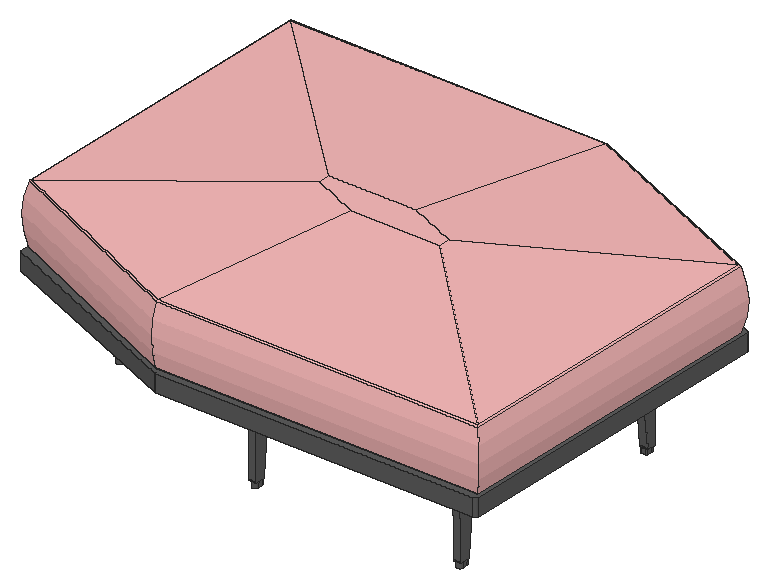
Revit family "Haworth_Lyda_Bench_Hexagon", category Furniture, Revit 2018
Family settings
  OmniClass Number = 23.40.70.14.64.21
  OmniClass Title = Systems Furniture
  Work Plane-Based = No
  Always vertical = Yes
  Cut with Voids When Loaded = No
  Shared = No
  Room Calculation Point = No
Parameters (values of type "Hexagon Bench")
  Warranty = "http://www.haworth.com/resources/product-info/warranties"
  Upholstery Finish [instance] = Haworth _ Fabric _ Atlas _ 501 LW-G
  URL - Product = "https://www.haworth.com/na/en/products/lounge-sofas/ottomans/lydalounge.html"
  URL = "www.haworth.com"
  Sustainability Info = "https://www.haworth.com/company-info/sustainability"
  Standard Width = "50.5 in"  # constant formula
  Standard Depth = "41 in"  # constant formula
  Size = "Verify Final Dim. w/ Haworth"  # constant formula
  Revision Number = "1"  # constant formula
  Model = "HCCL-LYBH-L11X"  # constant formula
  Manufacturer = "Haworth"  # constant formula
  Leg Finish = Haworth _ Paint _ Black
  Description = "Haworth - Lyda - Bench - Hexagon"  # constant formula
  Base Finish [instance] = Haworth _ Paint _ Black
  Author = "Haworth (Abd Rahman)"  # constant formula
  Assembly Code = "E2020200"
  Actual Width = 50 1/2"  # constant formula
  Actual Height = 17"  # constant formula
  Actual Depth = 41"  # constant formula
Reference planes (in)
  plane 1: z = 0
  plane 2 "Center L/R": x = -6.17629
  plane 3 "Center F/B": y = -11.5
  plane 4 "Back": y = 9
  plane 5 "Front": y = -32
  plane 6: z = 17
  plane 7: z = 8.24731
  plane 8: z = 9.90088
  plane 9: z = 7.9995
  plane 10 "Left": x = -31.42629
  plane 11 "Right": x = 19.07371
  plane 12: y = 0.75
  plane 13: y = -23.75
Forms (in)
  Extrusion 1, solid, material "Haworth _ Paint _ Black" <- "Base Finish"
    sketch origin (0, 0, 0) x (1, 0, 0) y (0, 1, 0)
      loop
        line (-31.42629, 8.70779) -> (-31.42629, -23.66692)
        arc (-31.42629, -23.66692) -> (-31.40539, -23.73611) -> (-31.34969, -23.78217) r 0.125
        line (-31.34969, -23.78217) -> (-11.83314, -31.97916)
        arc (-11.83314, -31.97916) -> (-11.78424, -31.99473) -> (-11.73319, -32) r 0.25013
        line (-11.73319, -32) -> (18.78476, -32)
        arc (18.78476, -32) -> (18.98908, -31.91537) -> (19.07371, -31.71104) r 0.28896
        line (19.07371, -31.71104) -> (19.07371, 0.6662)
        arc (19.07371, 0.6662) -> (19.05263, 0.73599) -> (18.99644, 0.78244) r 0.12608
        line (18.99644, 0.78244) -> (-0.51555, 8.97429)
        arc (-0.51555, 8.97429) -> (-0.57587, 8.99351) -> (-0.63885, 9) r 0.30858
        line (-0.63885, 9) -> (-31.13408, 9)
        arc (-31.13408, 9) -> (-31.3407, 8.91441) -> (-31.42629, 8.70779) r 0.29221
    from 8.24731 to 9.90088
Lines and regions (in)
  Masking region 1
    outline origin (0, 0, 0) x (1, 0, 0) y (0, 1, 0)
      loop
        line (-0.63885, 9) -> (-31.13408, 9)
        arc (-31.13408, 9) -> (-31.3407, 8.91441) -> (-31.42629, 8.70779) r 0.29221
        line (-31.42629, 8.70779) -> (-31.42629, -23.66692)
        arc (-31.42629, -23.66692) -> (-31.40539, -23.73611) -> (-31.34969, -23.78217) r 0.125
        line (-31.34969, -23.78217) -> (-11.83314, -31.97916)
        arc (-11.83314, -31.97916) -> (-11.78424, -31.99473) -> (-11.73319, -32) r 0.25013
        line (-11.73319, -32) -> (18.78476, -32)
        arc (18.78476, -32) -> (18.98908, -31.91537) -> (19.07371, -31.71104) r 0.28896
        line (19.07371, -31.71104) -> (19.07371, 0.6662)
        arc (19.07371, 0.6662) -> (19.05263, 0.73599) -> (18.99644, 0.78244) r 0.12608
        line (18.99644, 0.78244) -> (-0.51555, 8.97429)
        arc (-0.51555, 8.97429) -> (-0.57587, 8.99351) -> (-0.63885, 9) r 0.30858
  reference lines
    curve 1: line (-31.6357, -23.21854, 0) -> (-31.6357, -23.44763, 0)
Dimensions and locks (in)
  equal spacing: plane 4 "Back", plane 3 "Center F/B", plane 5 "Front"
  "Actual Depth": plane 4 "Back" to plane 5 "Front"
  "Actual Height": plane 6 to level
  equal spacing: plane 10 "Left", plane 2 "Center L/R", plane 11 "Right"
  "Actual Width": plane 10 "Left" to plane 11 "Right"
  plane 12 to plane 5 "Front" = 32 3/4"
  plane 4 "Back" to plane 13 = 32 3/4"
  aligned and locked: Extrusion 1 to plane 8
  aligned and locked: plane 7 to Extrusion 1
  aligned and locked: Extrusion 1 sketch curve to plane 4 "Back"
  aligned and locked: plane 11 "Right" to Extrusion 1 sketch curve
  aligned and locked: Extrusion 1 sketch curve to plane 5 "Front"
  aligned and locked: plane 2 "Center L/R" to nested 7
  aligned and locked: plane 3 "Center F/B" to nested 7
  aligned and locked: plane 4 "Back" to Masking region 1
  aligned and locked: Masking region 1 to plane 11 "Right"
  aligned and locked: Masking region 1 to plane 5 "Front"
Automatic sketch dimensions
  Extrusion 1 sketch curve to plane 10 "Left" = 0"
  Extrusion 1 sketch curve to plane 13 = 0.03217"
  Extrusion 1 sketch curve to plane 10 "Left" = 0.0766"
  plane 13 to Extrusion 1 sketch curve = 0.08308"
  Extrusion 1 sketch curve to plane 4 "Back" = 0.29221"
  plane 5 "Front" to Extrusion 1 sketch curve = 0.02084"
  Extrusion 1 sketch curve to plane 2 "Center L/R" = 5.65686"
  Extrusion 1 sketch curve to Extrusion 1 sketch curve = 0.09995"
  plane 2 "Center L/R" to Extrusion 1 sketch curve = 5.53744"
  Extrusion 1 sketch curve to plane 4 "Back" = 0.02571"
  Extrusion 1 sketch curve to Extrusion 1 sketch curve = 0.1233"
  Extrusion 1 sketch curve to Extrusion 1 sketch curve = 0.28896"
  Extrusion 1 sketch curve to Extrusion 1 sketch curve = 0.12608"
  plane 12 to Extrusion 1 sketch curve = 0.03244"
  plane 11 "Right" to Extrusion 1 sketch curve = 0.07727"
  plane 10 "Left" to curve 1 = 0.20941"
  plane 5 "Front" to curve 1 = 8.55237"
  curve 1 to curve 1 = 0.2291"
  Masking region 1 sketch curve to plane 10 "Left" = 0"
  plane 4 "Back" to Masking region 1 sketch curve = 0"
  Masking region 1 sketch curve to plane 4 "Back" = 0.29221"
  plane 2 "Center L/R" to Masking region 1 sketch curve = 5.53744"
  plane 5 "Front" to Masking region 1 sketch curve = 8.33308"
  Masking region 1 sketch curve to plane 4 "Back" = 79/256"
  Masking region 1 sketch curve to plane 4 "Back" = 0.02571"
  plane 12 to Masking region 1 sketch curve = 0.03244"
  plane 11 "Right" to Masking region 1 sketch curve = 0.07727"
  Masking region 1 sketch curve to plane 11 "Right" = 0"
  Masking region 1 sketch curve to plane 12 = 0.0838"
  plane 5 "Front" to Masking region 1 sketch curve = 0.28896"
  Masking region 1 sketch curve to plane 5 "Front" = 0"
  Masking region 1 sketch curve to plane 2 "Center L/R" = 5.55691"
  plane 5 "Front" to Masking region 1 sketch curve = 0.02084"
  Masking region 1 sketch curve to Masking region 1 sketch curve = 0.09995"
  Masking region 1 sketch curve to plane 10 "Left" = 0.0766"
  Masking region 1 sketch curve to Masking region 1 sketch curve = 0.11525"
Nested families (in)
  nested 1: "Haworth_Lyda_Leg_PART" at (-19.79101, -3.09057, 0), Support Finish <- "Leg Finish", type "Leg - PART"
    with Support Finish Haworth _ Paint _ Black
  nested 2: "Haworth_Lyda_Leg_PART" at (0.02414, -11.59078, 0), Support Finish <- "Leg Finish", type "Leg - PART"
    with Support Finish Haworth _ Paint _ Black
  nested 3: "Haworth_Lyda_Leg_PART" at (19.70899, -11.59078, 0), Support Finish <- "Leg Finish", type "Leg - PART"
    with Support Finish Haworth _ Paint _ Black
  nested 4: "Haworth_Lyda_Leg_PART" at (7.44869, -19.90112, 0) x (-1, 0, 0) z (0, 0, 1), Support Finish <- "Leg Finish", type "Leg - PART"
    with Support Finish Haworth _ Paint _ Black
  nested 5: "Haworth_Lyda_Leg_PART" at (-12.30131, -11.40073, 0) x (-1, 0, 0) z (0, 0, 1), Support Finish <- "Leg Finish", type "Leg - PART"
    with Support Finish Haworth _ Paint _ Black
  nested 6: "Haworth_Lyda_Leg_PART" at (-32.05131, -11.40091, 0) x (-1, 0, 0) z (0, 0, 1), Support Finish <- "Leg Finish", type "Leg - PART"
    with Support Finish Haworth _ Paint _ Black
  nested 7: "Haworth_Lyda_Cushion_Hexagon_PART" at (0, 0, 0), Cushion Finish <- "Upholstery Finish", type "Cushion - Hexagon - PART"
    with Cushion Finish Haworth _ Fabric _ Atlas _ 501 LW-G
Definition of nested family "Haworth_Lyda_Leg_PART"
  Parameters (values of type "Leg - PART")
    Warranty = "http://www.haworth.com/resources/product-info/warranties"
    URL - Product = "https://www.haworth.com/na/en/products/lounge-sofas/ottomans/lydalounge.html"
    URL = "www.haworth.com"
    Sustainability Info = "https://www.haworth.com/company-info/sustainability"
    Support Finish [instance] = none
    Size = "Verify Final Dim. w/ Haworth"  # constant formula
    Revision Number = "1"  # constant formula
    Model = "Haworth Lyda"  # constant formula
    Manufacturer = "Haworth"  # constant formula
    Description = "Haworth - Lyda - Leg PART"  # constant formula
    Author = "Haworth (Abd Rahman)"  # constant formula
    Assembly Code = "E2020200"
    Actual Width = 3 1/4"  # constant formula
    Actual Height = 8 63/256"  # constant formula
    Actual Depth = 7 241/256"  # constant formula
  Reference planes (in)
    plane 1: z = 0
    plane 2: z = 8.24609
    plane 3: z = 7.9995
    plane 4 "Center (Front/Back)": y = -11.89763
    plane 5 "Right": x = -4.50514
    plane 6 "Left": x = -7.75514
    plane 7 "Center (Left/Right)": x = -6.13014
    plane 8 "Front": y = -15.86833
    plane 9 "Back": y = -7.92693
  Forms (in)
    Blend 1, solid, material <- "Support Finish"
      base sketch origin (-15.7151, 7.34424, 0) x (1, 0, 0) y (0, 1, 0)
        loop
          arc (10.9737, -15.75611) -> (10.90047, -15.57933) -> (10.7237, -15.50611) r 0.25
          line (10.7237, -15.50611) -> (8.44615, -15.50611)
          arc (8.44615, -15.50611) -> (8.26938, -15.57933) -> (8.19615, -15.75611) r 0.25
          line (8.19615, -15.75611) -> (8.19615, -22.72652)
          arc (8.19615, -22.72652) -> (8.28096, -22.91416) -> (8.47783, -22.97451) r 0.25
          line (8.47783, -22.97451) -> (9.08232, -22.89729)
          arc (9.08232, -22.89729) -> (9.58492, -23.2126) -> (10.08752, -22.89729) r 0.55823
          line (10.08752, -22.89729) -> (10.69202, -22.97451)
          arc (10.69202, -22.97451) -> (10.88889, -22.91416) -> (10.9737, -22.72652) r 0.25
          line (10.9737, -22.72652) -> (10.9737, -15.75611)
      top sketch origin (-15.7151, 7.34424, 0) x (1, 0, 0) y (0, 1, 0)
        loop
          arc (7.95996, -22.71316) -> (8.10642, -23.06673) -> (8.45999, -23.21316) r 0.5
          line (8.45999, -23.21316) -> (10.70997, -23.21304)
          arc (10.70997, -23.21304) -> (11.06351, -23.06658) -> (11.20994, -22.71304) r 0.5
          line (11.20994, -22.71304) -> (11.20994, -15.76992)
          arc (11.20994, -15.76992) -> (11.0635, -15.41636) -> (10.70994, -15.26992) r 0.5
          line (10.70994, -15.26992) -> (8.45996, -15.26992)
          arc (8.45996, -15.26992) -> (8.10641, -15.41636) -> (7.95996, -15.76992) r 0.5
          line (7.95996, -15.76992) -> (7.95996, -22.71316)
      from 7.9995 to 8.24731
    Extrusion 2, solid, material <- "Support Finish"
      sketch origin (-0.64065, 7.34424, 0) x (0, 1, 0) y (0, 0, 1)
        loop
          arc (-22.89729, 7.9995) -> (-23.09889, 8.06946) -> (-23.21382, 8.24927) r 0.32546
          line (-23.21382, 8.24927) -> (-23.14652, 0.56683)
          arc (-23.14652, 0.56683) -> (-23.12554, 0.5171) -> (-23.07562, 0.49656) r 0.0709
          line (-23.07562, 0.49656) -> (-22.29789, 0.49656)
          arc (-22.29789, 0.49656) -> (-22.25795, 0.51209) -> (-22.23899, 0.55052) r 0.05913
          arc (-22.23899, 0.55052) -> (-22.04885, 2.57156) -> (-21.83293, 4.59) r 159.07204
          arc (-21.83293, 4.59) -> (-21.73327, 5.12242) -> (-21.55814, 5.63499) r 3.75965
          arc (-21.55814, 5.63499) -> (-21.10365, 6.18486) -> (-20.4224, 6.39658) r 1.25
          line (-20.4224, 6.39658) -> (-17.30777, 6.4338)
          arc (-17.30777, 6.4338) -> (-16.18821, 6.89165) -> (-15.70269, 7.9995) r 1.61124
          line (-15.70269, 7.9995) -> (-22.89729, 7.9995)
      from -5.85929 to -5.16531
    Extrusion 3, solid, material <- "Support Finish"
      sketch origin (-15.7151, 7.34424, 0) x (1, 0, 0) y (0, 1, 0)
        loop
          arc (9.27139, -22.83335) -> (9.58492, -23.14688) -> (9.89846, -22.83335) r 0.31353
          line (9.89846, -22.83335) -> (9.89846, -22.36609)
          arc (9.89846, -22.36609) -> (9.86123, -22.27621) -> (9.77135, -22.23898) r 0.12711
          line (9.77135, -22.23898) -> (9.39989, -22.23898)
          arc (9.39989, -22.23898) -> (9.30903, -22.27662) -> (9.27139, -22.36748) r 0.1285
          line (9.27139, -22.36748) -> (9.27139, -22.83335)
      from 0 to 0.49656
  Cuts and joins
    joined: Blend 1, Extrusion 2, Extrusion 3
  Lines and regions (in)
    symbolic lines
      curve 1: line (-4.50515, -15.3688, 0) -> (-4.50515, -8.42567, 0)
      curve 2: arc (-4.50515, -8.42567, 0) -> (-4.6516, -8.07212, 0) -> (-5.00515, -7.92567, 0) r 0.5
      curve 3: line (-5.00515, -7.92567, 0) -> (-7.25514, -7.92567, 0)
      curve 4: arc (-7.25514, -7.92567, 0) -> (-7.60869, -8.07212, 0) -> (-7.75514, -8.42567, 0) r 0.5
      curve 5: line (-7.75514, -8.42567, 0) -> (-7.75514, -15.36892, 0)
      curve 6: arc (-7.75514, -15.36892, 0) -> (-7.60869, -15.72248, 0) -> (-7.25514, -15.86892, 0) r 0.5
      curve 7: arc (-5.00513, -15.8688, 0) -> (-4.65159, -15.72234, 0) -> (-4.50515, -15.3688, 0) r 0.5
      curve 8: line (-7.25514, -15.86892, 0) -> (-5.00511, -15.86892, 0)
  Dimensions and locks (in)
    equal spacing: plane 6 "Left", plane 7 "Center (Left/Right)", plane 5 "Right"
    "Actual Width": plane 6 "Left" to plane 5 "Right"
    equal spacing: plane 8 "Front", plane 4 "Center (Front/Back)", plane 9 "Back"
    "Actual Depth": plane 8 "Front" to plane 9 "Back"
    "Actual Height": plane 2 to level
  Automatic sketch dimensions
    Blend 1 sketch curve to Blend 1 sketch curve = 1/4"  (x3)
    Blend 1 sketch curve to Blend 1 sketch curve = 0.03168"  (x2)
    Blend 1 sketch curve to Blend 1 sketch curve = 0.60449"  (x2)
    Blend 1 sketch curve to Blend 1 sketch curve = 0.5026"  (x2)
    Blend 1 sketch curve to Blend 1 sketch curve = 2.27754"
    Blend 1 sketch curve to Blend 1 sketch curve = 0"
    Blend 1 sketch curve to Blend 1 sketch curve = 0.07722"
    Blend 1 sketch curve to Blend 1 sketch curve = 0.24292"
    Blend 1 sketch curve to Blend 1 sketch curve = 1/2"  (x3)
    Blend 1 sketch curve to Blend 1 sketch curve = 0.00003"  (x2)
    Blend 1 sketch curve to Blend 1 sketch curve = 2 1/4"  (x2)
    Blend 1 sketch curve to Blend 1 sketch curve = 0.00012"
    plane 3 to Extrusion 2 sketch curve = 0"
    Extrusion 2 sketch curve to plane 2 = 0.00318"
    level to Extrusion 2 sketch curve = 0.56683"
    Extrusion 2 sketch curve to Extrusion 2 sketch curve = 0.0709"
    Extrusion 2 sketch curve to Extrusion 2 sketch curve = 0.31654"
    Extrusion 2 sketch curve to Extrusion 2 sketch curve = 0.77773"
    plane 3 to Extrusion 2 sketch curve = 1.60292"
    Extrusion 2 sketch curve to Extrusion 2 sketch curve = 2.47489"
    Extrusion 2 sketch curve to Extrusion 2 sketch curve = 0.01494"
    Extrusion 2 sketch curve to Extrusion 2 sketch curve = 2.31023"
    Extrusion 2 sketch curve to plane 3 = 0.04553"
    Extrusion 2 sketch curve to Extrusion 2 sketch curve = 3.10911"
    plane 3 to Extrusion 2 sketch curve = 1.5657"
    Extrusion 2 sketch curve to Extrusion 2 sketch curve = 0.00552"
    Extrusion 2 sketch curve to level = 13.33836"
    Extrusion 2 sketch curve to Extrusion 2 sketch curve = 0.07028"
    Extrusion 2 sketch curve to Extrusion 2 sketch curve = 0.05913"
    Extrusion 2 sketch curve to Extrusion 2 sketch curve = 2.26753"
    Extrusion 2 sketch curve to Extrusion 2 sketch curve = 1.24991"
    Extrusion 2 sketch curve to Extrusion 2 sketch curve = 0"  (x2)
    Extrusion 3 sketch curve to Extrusion 3 sketch curve = 0.1285"
    Extrusion 3 sketch curve to Extrusion 3 sketch curve = 0.31353"
    Extrusion 3 sketch curve to Extrusion 3 sketch curve = 0.12711"
    Extrusion 3 sketch curve to Extrusion 3 sketch curve = 0.46587"
    Blend 1 sketch curve to plane 6 "Left" = 0.23619"
    Blend 1 sketch curve to plane 6 "Left" = 0"
    Extrusion 3 sketch curve to plane 6 "Left" = 1.31143"
    Blend 1 sketch curve to plane 4 "Center (Front/Back)" = 3.48576"
    Blend 1 sketch curve to plane 4 "Center (Front/Back)" = 3.47195"
    Extrusion 2 sketch curve to Extrusion 2 sketch curve = 151.92826"
    plane 4 "Center (Front/Back)" to Blend 1 sketch curve = 3.4125"
    plane 4 "Center (Front/Back)" to Blend 1 sketch curve = 3.47117"
    plane 4 "Center (Front/Back)" to Extrusion 2 sketch curve = 3.97195"
    plane 4 "Center (Front/Back)" to Extrusion 2 sketch curve = 3.90465"
    plane 4 "Center (Front/Back)" to Extrusion 3 sketch curve = 3.59148"
    curve 6 to plane 6 "Left" = 0"
    curve 6 to plane 6 "Left" = 1/2"
    curve 3 to plane 9 "Back" = 0.00125"
    curve 3 to plane 6 "Left" = 1/2"
    plane 5 "Right" to curve 7 = 1/2"
    plane 5 "Right" to curve 2 = 1/2"
    plane 5 "Right" to curve 1 = 0"
    curve 1 to plane 8 "Front" = 0.49953"
    curve 6 to plane 8 "Front" = 0.49941"
    plane 8 "Front" to curve 7 = 0.00047"
    curve 7 to curve 8 = 0"
    curve 8 to curve 7 = 0.00012"
Definition of nested family "Haworth_Lyda_Cushion_Hexagon_PART"
  Parameters (values of type "Cushion - Hexagon - PART")
    Warranty = "http://www.haworth.com/resources/product-info/warranties"
    URL - Product = "https://www.haworth.com/na/en/products/lounge-sofas/ottomans/lydalounge.html"
    URL = "www.haworth.com"
    Sustainability Info = "https://www.haworth.com/company-info/sustainability"
    Size = "Verify Final Dim. w/ Haworth"  # constant formula
    Revision Number = "1"  # constant formula
    Model = "Haworth - Lyda"  # constant formula
    Manufacturer = "Haworth"  # constant formula
    Description = "Haworth - Lyda - Cushion - Hexagon - PART"  # constant formula
    Cushion Finish [instance] = none
    Author = "Haworth (Abd Rahman)"  # constant formula
    Assembly Code = "E2020200"
    Actual Width = 50 1/2"  # constant formula
    Actual Height = 17"  # constant formula
    Actual Depth = 41"  # constant formula
  Reference planes (in)
    plane 1: z = 0
    plane 2 "Center L/R": x = -6.17629
    plane 3 "Center F/B": y = -11.5
    plane 4 "Back": y = 9
    plane 5 "Front": y = -32
    plane 6: z = 17
    plane 7: z = 8.24731
    plane 8: z = 9.90088
    plane 9: z = 7.9995
    plane 10 "Left": x = -31.42629
    plane 11 "Right": x = 19.07371
    plane 12: y = 0.75
  Forms (in)
    Sweep 1, solid, material <- "Cushion Finish"
      path in 3D
        loop
          line (-12.78111, -9.89849, 16.87517) -> (-12.78111, -11.02424, 16.87517) -> (-8.15603, -13.10332, 16.87517) -> (0.42718, -13.10332, 16.87517) -> (0.42718, -11.98848, 16.87517) -> (-4.45896, -9.89849, 16.87517) -> (-12.78111, -9.89849, 16.87517)
      profile origin (-8.62003, -9.89849, 16.87517) x (0, -1, 0) y (0, 0, 1)
        loop
          line (-0.00106, -6.97402) -> (-0.00106, -0.00513)
          arc (-0.00106, -0.00513) -> (-9.13236, -0.2622) -> (-18.23244, -1.05912) r 154.31382
          arc (-18.23244, -1.05912) -> (-18.31406, -1.09401) -> (-18.36496, -1.16673) r 0.16171
          arc (-18.36496, -1.16673) -> (-18.85389, -4.00927) -> (-18.41023, -6.85923) r 8.92007
          arc (-18.41023, -6.85923) -> (-18.3202, -6.93019) -> (-18.21428, -6.97402) r 0.41804
          line (-18.21428, -6.97402) -> (-0.00106, -6.97402)
    Extrusion 2, solid, material <- "Cushion Finish"
      sketch origin (0, 0, 0) x (1, 0, 0) y (0, 1, 0)
        loop
          line (0.42825, -13.10439) -> (0.42825, -11.98778) -> (-4.45874, -9.89743) -> (-12.78217, -9.89743) -> (-12.78217, -11.02493) -> (-8.15626, -13.10439) -> (0.42825, -13.10439)
      from 9.90088 to 16.87003
  Cuts and joins
    joined: Sweep 1, Extrusion 2
  Lines and regions (in)
    Masking region 1
      outline origin (0, 0, 0) x (1, 0, 0) y (0, 1, 0)
        loop
          line (-0.63885, 9) -> (-31.13408, 9)
          arc (-31.13408, 9) -> (-31.3407, 8.91441) -> (-31.42629, 8.70779) r 0.29221
          line (-31.42629, 8.70779) -> (-31.42629, -23.66692)
          arc (-31.42629, -23.66692) -> (-31.40539, -23.73611) -> (-31.34969, -23.78217) r 0.125
          line (-31.34969, -23.78217) -> (-11.83314, -31.97916)
          arc (-11.83314, -31.97916) -> (-11.78424, -31.99473) -> (-11.73319, -32) r 0.25013
          line (-11.73319, -32) -> (18.78476, -32)
          arc (18.78476, -32) -> (18.98908, -31.91537) -> (19.07371, -31.71104) r 0.28896
          line (19.07371, -31.71104) -> (19.07371, 0.6662)
          arc (19.07371, 0.6662) -> (19.05263, 0.73599) -> (18.99644, 0.78244) r 0.12608
          line (18.99644, 0.78244) -> (-0.51555, 8.97429)
          arc (-0.51555, 8.97429) -> (-0.57587, 8.99351) -> (-0.63885, 9) r 0.30858
    reference lines
      curve 1: line (-31.6357, -23.21854, 0) -> (-31.6357, -23.44763, 0)
    sketch lines
      curve 2: line (-4.45896, -9.89849, 16.87517) -> (-12.78111, -9.89849, 16.87517)
      curve 3: line (0.42718, -11.98848, 16.87517) -> (-4.45896, -9.89849, 16.87517)
      curve 4: line (0.42718, -13.10332, 16.87517) -> (0.42718, -11.98848, 16.87517)
      curve 5: line (-8.15603, -13.10332, 16.87517) -> (0.42718, -13.10332, 16.87517)
      curve 6: line (-12.78111, -11.02424, 16.87517) -> (-8.15603, -13.10332, 16.87517)
      curve 7: line (-12.78111, -9.89849, 16.87517) -> (-12.78111, -11.02424, 16.87517)
  Dimensions and locks (in)
    equal spacing: plane 4 "Back", plane 3 "Center F/B", plane 5 "Front"
    "Actual Depth": plane 4 "Back" to plane 5 "Front"
    "Actual Height": plane 6 to level
    equal spacing: plane 10 "Left", plane 2 "Center L/R", plane 11 "Right"
    "Actual Width": plane 10 "Left" to plane 11 "Right"
    plane 12 to plane 5 "Front" = 32 3/4"
  Automatic sketch dimensions
    plane 10 "Left" to curve 1 = 0.20941"
    plane 5 "Front" to curve 1 = 8.55237"
    curve 1 to curve 1 = 0.2291"
    Masking region 1 sketch curve to plane 10 "Left" = 0"
    Masking region 1 sketch curve to plane 4 "Back" = 0"
    Masking region 1 sketch curve to plane 4 "Back" = 0.29221"
    plane 2 "Center L/R" to Masking region 1 sketch curve = 5.53744"
    plane 5 "Front" to Masking region 1 sketch curve = 8.33308"
    Masking region 1 sketch curve to plane 4 "Back" = 79/256"
    Masking region 1 sketch curve to plane 4 "Back" = 0.02571"
    plane 12 to Masking region 1 sketch curve = 0.03244"
    plane 11 "Right" to Masking region 1 sketch curve = 0.07727"
    Masking region 1 sketch curve to plane 11 "Right" = 0"
    Masking region 1 sketch curve to plane 12 = 0.0838"
    plane 5 "Front" to Masking region 1 sketch curve = 0.28896"
    Masking region 1 sketch curve to plane 5 "Front" = 0"
    Masking region 1 sketch curve to plane 2 "Center L/R" = 5.55691"
    plane 5 "Front" to Masking region 1 sketch curve = 0.02084"
    Masking region 1 sketch curve to Masking region 1 sketch curve = 0.09995"
    Masking region 1 sketch curve to plane 10 "Left" = 0.0766"
    Masking region 1 sketch curve to Masking region 1 sketch curve = 0.11525"
    profile plane to Sweep 1 sketch curve = 0.00106"
    Sweep 1 sketch curve to profile plane = 0.00513"
    profile plane to Sweep 1 sketch curve = 0.22612"
    Sweep 1 sketch curve to profile plane = 4.0802"
    profile plane to Sweep 1 sketch curve = 9.93411"
    Sweep 1 sketch curve to Sweep 1 sketch curve = 8.17478"
    Sweep 1 sketch curve to Sweep 1 sketch curve = 147.34477"
    Sweep 1 sketch curve to profile plane = 6.56949"
    Sweep 1 sketch curve to Sweep 1 sketch curve = 0.10539"
    Sweep 1 sketch curve to profile plane = 1.05912"
    Sweep 1 sketch curve to Sweep 1 sketch curve = 0.13252"
    Sweep 1 sketch curve to Sweep 1 sketch curve = 0.19595"
    Sweep 1 sketch curve to Sweep 1 sketch curve = 0.40453"
    Sweep 1 sketch curve to Sweep 1 sketch curve = 0.02032"
    Extrusion 2 sketch curve to plane 2 "Center L/R" = 1.97997"
    plane 3 "Center F/B" to Extrusion 2 sketch curve = 1.60439"  (x2)
    Extrusion 2 sketch curve to plane 3 "Center F/B" = 0.47507"
    Extrusion 2 sketch curve to Extrusion 2 sketch curve = 4.62591"
    plane 2 "Center L/R" to Extrusion 2 sketch curve = 6.60453"
    Extrusion 2 sketch curve to Extrusion 2 sketch curve = 1.1275"
    plane 2 "Center L/R" to Extrusion 2 sketch curve = 1.71754"
    Extrusion 2 sketch curve to plane 3 "Center F/B" = 1.60257"
    plane 3 "Center F/B" to Extrusion 2 sketch curve = 0.48778"
    Extrusion 2 sketch curve to Extrusion 2 sketch curve = 0"
